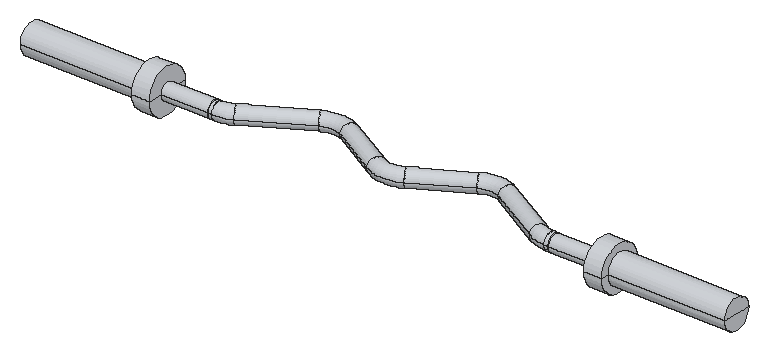
Revit family "Гриф EZ-образный", category Оборудование, Revit 2017
Family settings
  Размер круглого соединителя = Использовать диаметр
  Тип детали = Нормальный
  На основе рабочей плоскости = Нет
  Всегда вертикально = Да
  При загрузке вырезать с полостями = Нет
  Общий = Нет
  Точка расчета площади = Нет
Parameters
  Ширина = 1200.0 mm
  Примечание = ""
  Обозначение = ""
  Наименование = "Гриф EZ-образный"
  Масса = "9"
  Код оборудования = ""
  Keynote = ""
  Изготовитель = "Severin"
  Завод = ""
  Единицы = "шт."
  Группа модели = "ТХ"  # constant formula
  Глубина = 150.0 mm
  Высота = 75.0 mm
Reference planes
  plane 1 "По центру (Вперед/Назад)": y = 0
  plane 2: z = 0
  plane 3 "По центру (Влево/Вправо)": x = 0
  plane 4: x = 1200
  plane 5: x = 0
  plane 6: x = 200
  plane 7: x = 1000
  plane 8: x = 230
  plane 9: x = 970
  plane 10: x = 600
  plane 11: y = 14
  plane 12: y = 25
  plane 13: y = 37.5
  plane 14: y = 14
  plane 15: y = 25
  plane 16: y = 37.5
  plane 17: y = 14
  plane 18: y = 25
  plane 19: y = 37.5
  plane 20: x = 465
Forms (mm)
  Revolve 1, solid
    sketch origin (0, 0, 0) x (1, 0, 0) y (0, 1, 0)
      loop
        line (0, 25) -> (0, 0) -> (310, 0) -> (310, 14) -> (230, 14) -> (230, 37.5) -> (200, 37.5) -> (200, 25) -> (0, 25)
      loop
        line (1200, 25) -> (1000, 25) -> (1000, 37.5) -> (970, 37.5) -> (970, 14) -> (890, 14) -> (890, 0) -> (1200, 0) -> (1200, 25)
      axis (1200, 0) -> (0, 0)
    angle from 0 to 360
  Sweep 2, solid
    path origin (0, 0, 0) x (1, 0, 0) y (0, 1, 0)
      loop
        line (310, 0) -> (316.603, 0)
        arc (316.603, 0) -> (329.543, 1.704) -> (341.603, 6.699) r 50
        line (341.603, 6.699) -> (440, 63.509)
        arc (440, 63.509) -> (465, 70.207) -> (490, 63.509) r 50
        line (490, 63.509) -> (575, 14.434)
        arc (575, 14.434) -> (600, 7.735) -> (625, 14.434) r 50
        line (625, 14.434) -> (710, 63.509)
        arc (710, 63.509) -> (735, 70.207) -> (760, 63.509) r 50
        line (760, 63.509) -> (858.397, 6.699)
        arc (858.397, 6.699) -> (870.457, 1.704) -> (883.397, 0) r 50
        line (883.397, 0) -> (890, 0)
    profile origin (390.801, 35.104, 0) x (-0.5, 0.866025, 0) y (0, 0, 1)
      loop
        circle (0, 0) r 14
Dimensions and locks
  aligned and locked: level to plane 2
